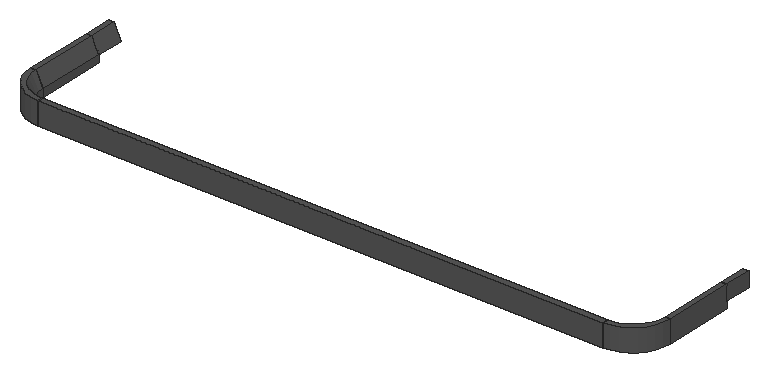
Revit family "towel holder 90_430", category Furniture, Revit 2019
Family settings
  OmniClass Number = 23.31.25.25
  Work Plane-Based = No
  Always vertical = No
  Cut with Voids When Loaded = No
  Shared = Yes
  Room Calculation Point = No
Parameters (values of type "Towel holder 90_430-54143670--MATT_BLACK-400")
  WEIGHT = "0"
  UNSPSC = "301815 | Sanitary ware"
  UNIFORMATII = "E2010 | Fixed Furnishings"
  UNICLASS_2015_CODE = "40_20_76_90"
  Towel holder 90_430-54143700--MATT_WHITE-400_RX0RY0RZ0TX0TY0TZ0_V = no
  Towel holder 90_430-54143700--MATT_WHITE-200_RX0RY0RZ0TX0TY0TZ0_V = no
  Towel holder 90_430-54143670--MATT_BLACK-400_RX0RY0RZ0TX0TY0TZ0_V = yes
  Towel holder 90_430-54143670--MATT_BLACK-200_RX0RY0RZ0TX0TY0TZ0_V = no
  Towel holder 90_430-54143000--CHROME-400_RX0RY0RZ0TX0TY0TZ0_V = no
  Towel holder 90_430-54143000--CHROME-200_RX0RY0RZ0TX0TY0TZ0_V = no
  SURFACE = "MATT_BLACK"
  SPECIFICATION = "Surfaces:    - 54143000 Chrome  - 54143670 Matt Black  - 54143700 Matt White      Specification:    null"
  REGIONSET = "Worldwide"
  PRODUCTURL = "https://pro.hansgrohe.com/articledetail--54143000"
  PRODUCTGROUP = "Towel holder"
  PRODUCTFAMILY = "Xelu Q"
  PERMALINK = "54143XXX"
  OMNICLASS = "23-31 25 25 | Towel Bars"
  OBJECTTYPE = "Object (single object)"
  NN = "Towel holder 90/430"
  NBSYN = "$BASENUMBER.-$ARTNR.--$SURFACE.-$LODLEVEL."
  NB = "Towel holder 90/430-54143670--MATT_BLACK-400"
  NAME = "Xelu Q Towel holder 90/430"
  Model = "Towel holder 90/430-54143670--MATT_BLACK-400"
  Manufacturer = "Hansgrohe"
  MIdent = "{$CADENAS_DATA/23d-libs/hansgrohe/xelu_furniture/towel_holder/towel_holder_90_430.prj},249 {VTYP=3D},{NB=Towel holder 90/430-54143670--MATT_BLACK-400},{LINA=Towel holder 90/430-54143670--MATT_BLACK-400},{NN=Towel holder 90/430},{DATE=13.03.2023 02:04:40},{GEOMDATE=08.03.2023 13:48:56},{VERSION=},{LINEID=10},{WBVAR=LODLEVEL},{WBNUMERIC=}  {NB=Towel holder 90/430-54143670--MATT_BLACK-400},{LINA=Towel holder 90/430-54143670--MATT_BLACK-400},{KT=DUMMY},{IDNR=1},{ARTNR=54143670},{BASENUMBER=Towel holder 90/430},{MODEL=54143XXX},{SURFACE=MATT_BLACK},{LODLEVEL=400},{LODLEVELX='400','400','200','200'},{NAME=Xelu Q Towel holder 90/430},{PERMALINK=54143XXX},{OBJECTTYPE=Object (single object)},{BIMOBJECT=Sanitary: Accessories},{PRODUCTFAMILY=Xelu Q},{PRODUCTGROUP=Towel holder},{WEIGHT=0},{DESCRIPTION=Xelu Q Towel holder 90/430},{SPECIFICATION=Surfaces:    - 54143000 Chrome  - 54143670 Matt Black  - 54143700 Matt White      Specification:    null},{PRODUCTURL=https://pro.hansgrohe.com/articledetail--54143000},{GTINCODE=4059625458495},{TENDERURL=Furnishing element},{IFC=EC010551 | Towel holder},{ETIM=Pr_40_20_76_90 | Towel rails},{UNICLASS2015=},{OMNICLASS=23-31 25 25 | Towel Bars},{MASTERFORMAT=10 28 00 | Toilet, Bath, and Laundry Accessories},{UNSPSC=301815 | Sanitary ware},{UNIFORMATII=E2010 | Fixed Furnishings},{REGIONSET=Worldwide},{DESIGN=Germany},{MANUFACTURER=Germany}"
  MASTERFORMAT = "10 28 00 | Toilet, Bath, and Laundry Accessories"
  LODLEVEL = "400"
  LINA = "Towel holder 90/430-54143670--MATT_BLACK-400"
  IFC = "EC010551 | Towel holder"
  GTINCODE = "4059625458495"
  ETIM = "Pr_40_20_76_90 | Towel rails"
  DESIGN = "Germany"
  CATALOG = "Hansgrohe"
  BIMOBJECT = "Sanitary: Accessories"
  BASENUMBER = "Towel holder 90/430"
  ARTNR = "54143670"
Types (6, lengths in mm): name | Towel holder 90_430-54143700--MATT_WHITE-400_RX0RY0RZ0TX0TY0TZ0_V | Towel holder 90_430-54143700--MATT_WHITE-200_RX0RY0RZ0TX0TY0TZ0_V | Towel holder 90_430-54143670--MATT_BLACK-400_RX0RY0RZ0TX0TY0TZ0_V | Towel holder 90_430-54143670--MATT_BLACK-200_RX0RY0RZ0TX0TY0TZ0_V | Towel holder 90_430-54143000--CHROME-400_RX0RY0RZ0TX0TY0TZ0_V | Towel holder 90_430-54143000--CHROME-200_RX0RY0RZ0TX0TY0TZ0_V | SURFACE | NB | Model | MIdent | LODLEVEL | LINA | ARTNR
  Towel holder 90_430-54143000--CHROME-200 | no | no | no | no | no | yes | "CHROME" | "Towel holder 90/430-54143000--CHROME-200" | "Towel holder 90/430-54143000--CHROME-200" | "{$CADENAS_DATA/23d-libs/hansgrohe/xelu_furniture/towel_holder/towel_holder_90_430.prj},241 {VTYP=3D},{NB=Towel holder 90/430-54143000--CHROME-200},{LINA=Towel holder 90/430-54143000--CHROME-200},{NN=Towel holder 90/430},{DATE=13.03.2023 02:04:40},{GEOMDATE=08.03.2023 13:48:56},{VERSION=},{LINEID=30},{WBVAR=LODLEVEL},{WBNUMERIC=}  {NB=Towel holder 90/430-54143000--CHROME-200},{LINA=Towel holder 90/430-54143000--CHROME-200},{KT=DUMMY},{IDNR=3},{ARTNR=54143000},{BASENUMBER=Towel holder 90/430},{MODEL=54143XXX},{SURFACE=CHROME},{LODLEVEL=200},{LODLEVELX='400','400','200','200'},{NAME=Xelu Q Towel holder 90/430},{PERMALINK=54143XXX},{OBJECTTYPE=Object (single object)},{BIMOBJECT=Sanitary: Accessories},{PRODUCTFAMILY=Xelu Q},{PRODUCTGROUP=Towel holder},{WEIGHT=0},{DESCRIPTION=Xelu Q Towel holder 90/430},{SPECIFICATION=Surfaces:    - 54143000 Chrome  - 54143670 Matt Black  - 54143700 Matt White      Specification:    null},{PRODUCTURL=https://pro.hansgrohe.com/articledetail--54143000},{GTINCODE=4059625458495},{TENDERURL=Furnishing element},{IFC=EC010551 | Towel holder},{ETIM=Pr_40_20_76_90 | Towel rails},{UNICLASS2015=},{OMNICLASS=23-31 25 25 | Towel Bars},{MASTERFORMAT=10 28 00 | Toilet, Bath, and Laundry Accessories},{UNSPSC=301815 | Sanitary ware},{UNIFORMATII=E2010 | Fixed Furnishings},{REGIONSET=Worldwide},{DESIGN=Germany},{MANUFACTURER=Germany}" | "200" | "Towel holder 90/430-54143000--CHROME-200" | "54143000"
  Towel holder 90_430-54143000--CHROME-400 | no | no | no | no | yes | no | "CHROME" | "Towel holder 90/430-54143000--CHROME-400" | "Towel holder 90/430-54143000--CHROME-400" | "{$CADENAS_DATA/23d-libs/hansgrohe/xelu_furniture/towel_holder/towel_holder_90_430.prj},241 {VTYP=3D},{NB=Towel holder 90/430-54143000--CHROME-400},{LINA=Towel holder 90/430-54143000--CHROME-400},{NN=Towel holder 90/430},{DATE=13.03.2023 02:04:40},{GEOMDATE=08.03.2023 13:48:56},{VERSION=},{LINEID=30},{WBVAR=LODLEVEL},{WBNUMERIC=}  {NB=Towel holder 90/430-54143000--CHROME-400},{LINA=Towel holder 90/430-54143000--CHROME-400},{KT=DUMMY},{IDNR=3},{ARTNR=54143000},{BASENUMBER=Towel holder 90/430},{MODEL=54143XXX},{SURFACE=CHROME},{LODLEVEL=400},{LODLEVELX='400','400','200','200'},{NAME=Xelu Q Towel holder 90/430},{PERMALINK=54143XXX},{OBJECTTYPE=Object (single object)},{BIMOBJECT=Sanitary: Accessories},{PRODUCTFAMILY=Xelu Q},{PRODUCTGROUP=Towel holder},{WEIGHT=0},{DESCRIPTION=Xelu Q Towel holder 90/430},{SPECIFICATION=Surfaces:    - 54143000 Chrome  - 54143670 Matt Black  - 54143700 Matt White      Specification:    null},{PRODUCTURL=https://pro.hansgrohe.com/articledetail--54143000},{GTINCODE=4059625458495},{TENDERURL=Furnishing element},{IFC=EC010551 | Towel holder},{ETIM=Pr_40_20_76_90 | Towel rails},{UNICLASS2015=},{OMNICLASS=23-31 25 25 | Towel Bars},{MASTERFORMAT=10 28 00 | Toilet, Bath, and Laundry Accessories},{UNSPSC=301815 | Sanitary ware},{UNIFORMATII=E2010 | Fixed Furnishings},{REGIONSET=Worldwide},{DESIGN=Germany},{MANUFACTURER=Germany}" | "400" | "Towel holder 90/430-54143000--CHROME-400" | "54143000"
  Towel holder 90_430-54143670--MATT_BLACK-200 | no | no | no | yes | no | no | "MATT_BLACK" | "Towel holder 90/430-54143670--MATT_BLACK-200" | "Towel holder 90/430-54143670--MATT_BLACK-200" | "{$CADENAS_DATA/23d-libs/hansgrohe/xelu_furniture/towel_holder/towel_holder_90_430.prj},249 {VTYP=3D},{NB=Towel holder 90/430-54143670--MATT_BLACK-200},{LINA=Towel holder 90/430-54143670--MATT_BLACK-200},{NN=Towel holder 90/430},{DATE=13.03.2023 02:04:40},{GEOMDATE=08.03.2023 13:48:56},{VERSION=},{LINEID=10},{WBVAR=LODLEVEL},{WBNUMERIC=}  {NB=Towel holder 90/430-54143670--MATT_BLACK-200},{LINA=Towel holder 90/430-54143670--MATT_BLACK-200},{KT=DUMMY},{IDNR=1},{ARTNR=54143670},{BASENUMBER=Towel holder 90/430},{MODEL=54143XXX},{SURFACE=MATT_BLACK},{LODLEVEL=200},{LODLEVELX='400','400','200','200'},{NAME=Xelu Q Towel holder 90/430},{PERMALINK=54143XXX},{OBJECTTYPE=Object (single object)},{BIMOBJECT=Sanitary: Accessories},{PRODUCTFAMILY=Xelu Q},{PRODUCTGROUP=Towel holder},{WEIGHT=0},{DESCRIPTION=Xelu Q Towel holder 90/430},{SPECIFICATION=Surfaces:    - 54143000 Chrome  - 54143670 Matt Black  - 54143700 Matt White      Specification:    null},{PRODUCTURL=https://pro.hansgrohe.com/articledetail--54143000},{GTINCODE=4059625458495},{TENDERURL=Furnishing element},{IFC=EC010551 | Towel holder},{ETIM=Pr_40_20_76_90 | Towel rails},{UNICLASS2015=},{OMNICLASS=23-31 25 25 | Towel Bars},{MASTERFORMAT=10 28 00 | Toilet, Bath, and Laundry Accessories},{UNSPSC=301815 | Sanitary ware},{UNIFORMATII=E2010 | Fixed Furnishings},{REGIONSET=Worldwide},{DESIGN=Germany},{MANUFACTURER=Germany}" | "200" | "Towel holder 90/430-54143670--MATT_BLACK-200" | "54143670"
  Towel holder 90_430-54143670--MATT_BLACK-400 | no | no | yes | no | no | no | "MATT_BLACK" | "Towel holder 90/430-54143670--MATT_BLACK-400" | "Towel holder 90/430-54143670--MATT_BLACK-400" | "{$CADENAS_DATA/23d-libs/hansgrohe/xelu_furniture/towel_holder/towel_holder_90_430.prj},249 {VTYP=3D},{NB=Towel holder 90/430-54143670--MATT_BLACK-400},{LINA=Towel holder 90/430-54143670--MATT_BLACK-400},{NN=Towel holder 90/430},{DATE=13.03.2023 02:04:40},{GEOMDATE=08.03.2023 13:48:56},{VERSION=},{LINEID=10},{WBVAR=LODLEVEL},{WBNUMERIC=}  {NB=Towel holder 90/430-54143670--MATT_BLACK-400},{LINA=Towel holder 90/430-54143670--MATT_BLACK-400},{KT=DUMMY},{IDNR=1},{ARTNR=54143670},{BASENUMBER=Towel holder 90/430},{MODEL=54143XXX},{SURFACE=MATT_BLACK},{LODLEVEL=400},{LODLEVELX='400','400','200','200'},{NAME=Xelu Q Towel holder 90/430},{PERMALINK=54143XXX},{OBJECTTYPE=Object (single object)},{BIMOBJECT=Sanitary: Accessories},{PRODUCTFAMILY=Xelu Q},{PRODUCTGROUP=Towel holder},{WEIGHT=0},{DESCRIPTION=Xelu Q Towel holder 90/430},{SPECIFICATION=Surfaces:    - 54143000 Chrome  - 54143670 Matt Black  - 54143700 Matt White      Specification:    null},{PRODUCTURL=https://pro.hansgrohe.com/articledetail--54143000},{GTINCODE=4059625458495},{TENDERURL=Furnishing element},{IFC=EC010551 | Towel holder},{ETIM=Pr_40_20_76_90 | Towel rails},{UNICLASS2015=},{OMNICLASS=23-31 25 25 | Towel Bars},{MASTERFORMAT=10 28 00 | Toilet, Bath, and Laundry Accessories},{UNSPSC=301815 | Sanitary ware},{UNIFORMATII=E2010 | Fixed Furnishings},{REGIONSET=Worldwide},{DESIGN=Germany},{MANUFACTURER=Germany}" | "400" | "Towel holder 90/430-54143670--MATT_BLACK-400" | "54143670"
  Towel holder 90_430-54143700--MATT_WHITE-200 | no | yes | no | no | no | no | "MATT_WHITE" | "Towel holder 90/430-54143700--MATT_WHITE-200" | "Towel holder 90/430-54143700--MATT_WHITE-200" | "{$CADENAS_DATA/23d-libs/hansgrohe/xelu_furniture/towel_holder/towel_holder_90_430.prj},249 {VTYP=3D},{NB=Towel holder 90/430-54143700--MATT_WHITE-200},{LINA=Towel holder 90/430-54143700--MATT_WHITE-200},{NN=Towel holder 90/430},{DATE=13.03.2023 02:04:40},{GEOMDATE=08.03.2023 13:48:56},{VERSION=},{LINEID=20},{WBVAR=LODLEVEL},{WBNUMERIC=}  {NB=Towel holder 90/430-54143700--MATT_WHITE-200},{LINA=Towel holder 90/430-54143700--MATT_WHITE-200},{KT=DUMMY},{IDNR=2},{ARTNR=54143700},{BASENUMBER=Towel holder 90/430},{MODEL=54143XXX},{SURFACE=MATT_WHITE},{LODLEVEL=200},{LODLEVELX='400','400','200','200'},{NAME=Xelu Q Towel holder 90/430},{PERMALINK=54143XXX},{OBJECTTYPE=Object (single object)},{BIMOBJECT=Sanitary: Accessories},{PRODUCTFAMILY=Xelu Q},{PRODUCTGROUP=Towel holder},{WEIGHT=0},{DESCRIPTION=Xelu Q Towel holder 90/430},{SPECIFICATION=Surfaces:    - 54143000 Chrome  - 54143670 Matt Black  - 54143700 Matt White      Specification:    null},{PRODUCTURL=https://pro.hansgrohe.com/articledetail--54143000},{GTINCODE=4059625458495},{TENDERURL=Furnishing element},{IFC=EC010551 | Towel holder},{ETIM=Pr_40_20_76_90 | Towel rails},{UNICLASS2015=},{OMNICLASS=23-31 25 25 | Towel Bars},{MASTERFORMAT=10 28 00 | Toilet, Bath, and Laundry Accessories},{UNSPSC=301815 | Sanitary ware},{UNIFORMATII=E2010 | Fixed Furnishings},{REGIONSET=Worldwide},{DESIGN=Germany},{MANUFACTURER=Germany}" | "200" | "Towel holder 90/430-54143700--MATT_WHITE-200" | "54143700"
  Towel holder 90_430-54143700--MATT_WHITE-400 | yes | no | no | no | no | no | "MATT_WHITE" | "Towel holder 90/430-54143700--MATT_WHITE-400" | "Towel holder 90/430-54143700--MATT_WHITE-400" | "{$CADENAS_DATA/23d-libs/hansgrohe/xelu_furniture/towel_holder/towel_holder_90_430.prj},249 {VTYP=3D},{NB=Towel holder 90/430-54143700--MATT_WHITE-400},{LINA=Towel holder 90/430-54143700--MATT_WHITE-400},{NN=Towel holder 90/430},{DATE=13.03.2023 02:04:40},{GEOMDATE=08.03.2023 13:48:56},{VERSION=},{LINEID=20},{WBVAR=LODLEVEL},{WBNUMERIC=}  {NB=Towel holder 90/430-54143700--MATT_WHITE-400},{LINA=Towel holder 90/430-54143700--MATT_WHITE-400},{KT=DUMMY},{IDNR=2},{ARTNR=54143700},{BASENUMBER=Towel holder 90/430},{MODEL=54143XXX},{SURFACE=MATT_WHITE},{LODLEVEL=400},{LODLEVELX='400','400','200','200'},{NAME=Xelu Q Towel holder 90/430},{PERMALINK=54143XXX},{OBJECTTYPE=Object (single object)},{BIMOBJECT=Sanitary: Accessories},{PRODUCTFAMILY=Xelu Q},{PRODUCTGROUP=Towel holder},{WEIGHT=0},{DESCRIPTION=Xelu Q Towel holder 90/430},{SPECIFICATION=Surfaces:    - 54143000 Chrome  - 54143670 Matt Black  - 54143700 Matt White      Specification:    null},{PRODUCTURL=https://pro.hansgrohe.com/articledetail--54143000},{GTINCODE=4059625458495},{TENDERURL=Furnishing element},{IFC=EC010551 | Towel holder},{ETIM=Pr_40_20_76_90 | Towel rails},{UNICLASS2015=},{OMNICLASS=23-31 25 25 | Towel Bars},{MASTERFORMAT=10 28 00 | Toilet, Bath, and Laundry Accessories},{UNSPSC=301815 | Sanitary ware},{UNIFORMATII=E2010 | Fixed Furnishings},{REGIONSET=Worldwide},{DESIGN=Germany},{MANUFACTURER=Germany}" | "400" | "Towel holder 90/430-54143700--MATT_WHITE-400" | "54143700"
Reference planes
  plane 1 "Center (Front/Back)": y = 0
  plane 2: z = 0
  plane 3 "Center (Left/Right)": x = 0
Dimensions and locks
  aligned and locked: level to plane 2
Nested families
  nested 1: "towel holder 90_430-54143000--chrome-200_content" at (0, 0, 0), visible <- "Towel holder 90_430-54143000--CHROME-200_RX0RY0RZ0TX0TY0TZ0_V", ContentVisible <- "Towel holder 90_430-54143000--CHROME-200_RX0RY0RZ0TX0TY0TZ0_V", type "Towel holder 90_430-54143000--CHROME-200_Content"
    with ContentVisible no
  nested 2: "towel holder 90_430-54143000--chrome-400_content" at (0, 0, 0), visible <- "Towel holder 90_430-54143000--CHROME-400_RX0RY0RZ0TX0TY0TZ0_V", ContentVisible <- "Towel holder 90_430-54143000--CHROME-400_RX0RY0RZ0TX0TY0TZ0_V", type "Towel holder 90_430-54143000--CHROME-400_Content"
    with ContentVisible no
  nested 3: "towel holder 90_430-54143670--matt_black-200_content" at (0, 0, 0), visible <- "Towel holder 90_430-54143670--MATT_BLACK-200_RX0RY0RZ0TX0TY0TZ0_V", ContentVisible <- "Towel holder 90_430-54143670--MATT_BLACK-200_RX0RY0RZ0TX0TY0TZ0_V", type "Towel holder 90_430-54143670--MATT_BLACK-200_Content"
    with ContentVisible no
  nested 4: "towel holder 90_430-54143670--matt_black-400_content" at (0, 0, 0), visible <- "Towel holder 90_430-54143670--MATT_BLACK-400_RX0RY0RZ0TX0TY0TZ0_V", ContentVisible <- "Towel holder 90_430-54143670--MATT_BLACK-400_RX0RY0RZ0TX0TY0TZ0_V", type "Towel holder 90_430-54143670--MATT_BLACK-400_Content"
    with ContentVisible yes
  nested 5: "towel holder 90_430-54143700--matt_white-200_content" at (0, 0, 0), visible <- "Towel holder 90_430-54143700--MATT_WHITE-200_RX0RY0RZ0TX0TY0TZ0_V", ContentVisible <- "Towel holder 90_430-54143700--MATT_WHITE-200_RX0RY0RZ0TX0TY0TZ0_V", type "Towel holder 90_430-54143700--MATT_WHITE-200_Content"
    with ContentVisible no
  nested 6: "towel holder 90_430-54143700--matt_white-400_content" at (0, 0, 0), visible <- "Towel holder 90_430-54143700--MATT_WHITE-400_RX0RY0RZ0TX0TY0TZ0_V", ContentVisible <- "Towel holder 90_430-54143700--MATT_WHITE-400_RX0RY0RZ0TX0TY0TZ0_V", type "Towel holder 90_430-54143700--MATT_WHITE-400_Content"
    with ContentVisible no
Definition of nested family "towel holder 90_430-54143670--matt_black-400_content"
  Parameters (values of type "Towel holder 90_430-54143670--MATT_BLACK-400_Content")
    WEIGHT = "0"
    UNSPSC = "301815 | Sanitary ware"
    UNIFORMATII = "E2010 | Fixed Furnishings"
    UNICLASS_2015_CODE = "40_20_76_90"
    SURFACE = "MATT_BLACK"
    SPECIFICATION = "Surfaces:    - 54143000 Chrome  - 54143670 Matt Black  - 54143700 Matt White      Specification:    null"
    REGIONSET = "Worldwide"
    PRODUCTURL = "https://pro.hansgrohe.com/articledetail--54143000"
    PRODUCTGROUP = "Towel holder"
    PRODUCTFAMILY = "Xelu Q"
    PERMALINK = "54143XXX"
    OMNICLASS = "23-31 25 25 | Towel Bars"
    OBJECTTYPE = "Object (single object)"
    NN = "Towel holder 90/430"
    NBSYN = "$BASENUMBER.-$ARTNR.--$SURFACE.-$LODLEVEL."
    NB = "Towel holder 90/430-54143670--MATT_BLACK-400"
    NAME = "Xelu Q Towel holder 90/430"
    Model = "Towel holder 90/430-54143670--MATT_BLACK-400"
    Manufacturer = "Hansgrohe"
    MASTERFORMAT = "10 28 00 | Toilet, Bath, and Laundry Accessories"
    LODLEVEL = "400"
    LINA = "Towel holder 90/430-54143670--MATT_BLACK-400"
    IFC = "EC010551 | Towel holder"
    GTINCODE = "4059625458495"
    ETIM = "Pr_40_20_76_90 | Towel rails"
    Default Elevation = 1219.2 mm
    DESIGN = "Germany"
    ContentVisible [instance] = yes
    CATALOG = "Hansgrohe"
    BIMOBJECT = "Sanitary: Accessories"
    BASENUMBER = "Towel holder 90/430"
    ARTNR = "54143670"
  Reference planes
    plane 1 "Center (Front/Back)": y = 0
    plane 2: z = 0
    plane 3 "Center (Left/Right)": x = 0
  Forms (mm)
    Extrusion 1, solid, visible <- "ContentVisible", detail levels medium+fine
      sketch origin (0, 0, 0) x (1, 0, 0) y (0, 0, -1)
        loop
          line (-214, -5) -> (-214, -15) -> (-210.5, -15) -> (-206, -5) -> (-214, -5)
      from -18 to 0
    Extrusion 2, solid, visible <- "ContentVisible", detail levels medium+fine
      sketch origin (0, -18, 0) x (1, 0, 0) y (0, 0, -1)
        loop
          line (-214, 0) -> (-214, -15) -> (-210.5, -15) -> (-206, -5) -> (-206, 0) -> (-214, 0)
      from -47 to 0
    Revolve 3, solid, visible <- "ContentVisible", detail levels medium+fine
      sketch origin (0, -65, 0) x (1, 0, 0) y (0, 0, -1)
        loop
          line (-214, 0) -> (-214, -15) -> (-210.5, -15) -> (-206, -5) -> (-206, 0) -> (-214, 0)
        axis (-189, 0) -> (-189, -15)
      angle from 0 to 90
    Extrusion 4, solid, visible <- "ContentVisible", detail levels medium+fine
      sketch origin (0, 0, 0) x (0, 0, -1) y (0, 1, 0)
        loop
          line (-15, -86.5) -> (-15, -90) -> (0, -90) -> (0, -82) -> (-5, -82) -> (-15, -86.5)
      from -189 to 189
    Revolve 5, solid, visible <- "ContentVisible", detail levels medium+fine
      sketch origin (189, 0, 0) x (0, 0, -1) y (0, 1, 0)
        loop
          line (-15, -86.5) -> (-15, -90) -> (0, -90) -> (0, -82) -> (-5, -82) -> (-15, -86.5)
        axis (-15, -65) -> (0, -65)
      angle from -90 to 0
    Extrusion 6, solid, visible <- "ContentVisible", detail levels medium+fine
      sketch origin (0, -65, 0) x (1, 0, 0) y (0, 0, -1)
        loop
          line (206, 0) -> (206, -5) -> (210.5, -15) -> (214, -15) -> (214, 0) -> (206, 0)
      from 0 to 47
    Extrusion 7, solid, visible <- "ContentVisible", detail levels medium+fine
      sketch origin (0, -18, 0) x (1, 0, 0) y (0, 0, -1)
        loop
          line (206, -5) -> (210.5, -15) -> (214, -15) -> (214, -5) -> (206, -5)
      from 0 to 18
    Extrusion 8, solid, visible <- "ContentVisible", detail levels coarse
      sketch origin (0, -45, 0) x (1, 0, 0) y (0, 1, 0)
        loop
          line (-214, -45) -> (214, -45) -> (214, 45) -> (-214, 45) -> (-214, -45)
      from 0 to 15
  Dimensions and locks
    aligned and locked: level to plane 2
Definition of nested family "towel holder 90_430-54143000--chrome-200_content"
  Parameters (values of type "Towel holder 90_430-54143000--CHROME-200_Content")
    WEIGHT = "0"
    UNSPSC = "301815 | Sanitary ware"
    UNIFORMATII = "E2010 | Fixed Furnishings"
    UNICLASS_2015_CODE = "40_20_76_90"
    SURFACE = "CHROME"
    SPECIFICATION = "Surfaces:    - 54143000 Chrome  - 54143670 Matt Black  - 54143700 Matt White      Specification:    null"
    REGIONSET = "Worldwide"
    PRODUCTURL = "https://pro.hansgrohe.com/articledetail--54143000"
    PRODUCTGROUP = "Towel holder"
    PRODUCTFAMILY = "Xelu Q"
    PERMALINK = "54143XXX"
    OMNICLASS = "23-31 25 25 | Towel Bars"
    OBJECTTYPE = "Object (single object)"
    NN = "Towel holder 90/430"
    NBSYN = "$BASENUMBER.-$ARTNR.--$SURFACE.-$LODLEVEL."
    NB = "Towel holder 90/430-54143000--CHROME-200"
    NAME = "Xelu Q Towel holder 90/430"
    Model = "Towel holder 90/430-54143000--CHROME-200"
    Manufacturer = "Hansgrohe"
    MASTERFORMAT = "10 28 00 | Toilet, Bath, and Laundry Accessories"
    LODLEVEL = "200"
    LINA = "Towel holder 90/430-54143000--CHROME-200"
    IFC = "EC010551 | Towel holder"
    GTINCODE = "4059625458495"
    ETIM = "Pr_40_20_76_90 | Towel rails"
    Default Elevation = 1219.2 mm
    DESIGN = "Germany"
    ContentVisible [instance] = yes
    CATALOG = "Hansgrohe"
    BIMOBJECT = "Sanitary: Accessories"
    BASENUMBER = "Towel holder 90/430"
    ARTNR = "54143000"
  Reference planes
    plane 1 "Center (Front/Back)": y = 0
    plane 2: z = 0
    plane 3 "Center (Left/Right)": x = 0
  Forms (mm)
    Extrusion 1, solid, visible <- "ContentVisible", detail levels medium+fine
      sketch origin (0, 0, 0) x (1, 0, 0) y (0, 0, -1)
        loop
          line (-214, 0) -> (-214, -15) -> (-206, -15) -> (-206, 0) -> (-214, 0)
      from -90 to 0
    Extrusion 2, solid, visible <- "ContentVisible", detail levels medium+fine
      sketch origin (0, 0, 0) x (0, 0, -1) y (0, 1, 0)
        loop
          line (-15, -82) -> (-15, -90) -> (0, -90) -> (0, -82) -> (-15, -82)
      from -214 to 214
    Extrusion 3, solid, visible <- "ContentVisible", detail levels medium+fine
      sketch origin (0, -90, 0) x (1, 0, 0) y (0, 0, -1)
        loop
          line (206, -15) -> (214, -15) -> (214, 0) -> (206, 0) -> (206, -15)
      from 0 to 90
    Extrusion 4, solid, visible <- "ContentVisible", detail levels coarse
      sketch origin (0, -45, 0) x (1, 0, 0) y (0, 1, 0)
        loop
          line (-214, -45) -> (214, -45) -> (214, 45) -> (-214, 45) -> (-214, -45)
      from 0 to 15
  Dimensions and locks
    aligned and locked: level to plane 2
Definition of nested family "towel holder 90_430-54143000--chrome-400_content"
  Parameters (values of type "Towel holder 90_430-54143000--CHROME-400_Content")
    WEIGHT = "0"
    UNSPSC = "301815 | Sanitary ware"
    UNIFORMATII = "E2010 | Fixed Furnishings"
    UNICLASS_2015_CODE = "40_20_76_90"
    SURFACE = "CHROME"
    SPECIFICATION = "Surfaces:    - 54143000 Chrome  - 54143670 Matt Black  - 54143700 Matt White      Specification:    null"
    REGIONSET = "Worldwide"
    PRODUCTURL = "https://pro.hansgrohe.com/articledetail--54143000"
    PRODUCTGROUP = "Towel holder"
    PRODUCTFAMILY = "Xelu Q"
    PERMALINK = "54143XXX"
    OMNICLASS = "23-31 25 25 | Towel Bars"
    OBJECTTYPE = "Object (single object)"
    NN = "Towel holder 90/430"
    NBSYN = "$BASENUMBER.-$ARTNR.--$SURFACE.-$LODLEVEL."
    NB = "Towel holder 90/430-54143000--CHROME-400"
    NAME = "Xelu Q Towel holder 90/430"
    Model = "Towel holder 90/430-54143000--CHROME-400"
    Manufacturer = "Hansgrohe"
    MASTERFORMAT = "10 28 00 | Toilet, Bath, and Laundry Accessories"
    LODLEVEL = "400"
    LINA = "Towel holder 90/430-54143000--CHROME-400"
    IFC = "EC010551 | Towel holder"
    GTINCODE = "4059625458495"
    ETIM = "Pr_40_20_76_90 | Towel rails"
    Default Elevation = 1219.2 mm
    DESIGN = "Germany"
    ContentVisible [instance] = yes
    CATALOG = "Hansgrohe"
    BIMOBJECT = "Sanitary: Accessories"
    BASENUMBER = "Towel holder 90/430"
    ARTNR = "54143000"
  Reference planes
    plane 1 "Center (Front/Back)": y = 0
    plane 2: z = 0
    plane 3 "Center (Left/Right)": x = 0
  Forms (mm)
    Extrusion 1, solid, visible <- "ContentVisible", detail levels medium+fine
      sketch origin (0, 0, 0) x (1, 0, 0) y (0, 0, -1)
        loop
          line (-214, -5) -> (-214, -15) -> (-210.5, -15) -> (-206, -5) -> (-214, -5)
      from -18 to 0
    Extrusion 2, solid, visible <- "ContentVisible", detail levels medium+fine
      sketch origin (0, -18, 0) x (1, 0, 0) y (0, 0, -1)
        loop
          line (-214, 0) -> (-214, -15) -> (-210.5, -15) -> (-206, -5) -> (-206, 0) -> (-214, 0)
      from -47 to 0
    Revolve 3, solid, visible <- "ContentVisible", detail levels medium+fine
      sketch origin (0, -65, 0) x (1, 0, 0) y (0, 0, -1)
        loop
          line (-214, 0) -> (-214, -15) -> (-210.5, -15) -> (-206, -5) -> (-206, 0) -> (-214, 0)
        axis (-189, 0) -> (-189, -15)
      angle from 0 to 90
    Extrusion 4, solid, visible <- "ContentVisible", detail levels medium+fine
      sketch origin (0, 0, 0) x (0, 0, -1) y (0, 1, 0)
        loop
          line (-15, -86.5) -> (-15, -90) -> (0, -90) -> (0, -82) -> (-5, -82) -> (-15, -86.5)
      from -189 to 189
    Revolve 5, solid, visible <- "ContentVisible", detail levels medium+fine
      sketch origin (189, 0, 0) x (0, 0, -1) y (0, 1, 0)
        loop
          line (-15, -86.5) -> (-15, -90) -> (0, -90) -> (0, -82) -> (-5, -82) -> (-15, -86.5)
        axis (-15, -65) -> (0, -65)
      angle from -90 to 0
    Extrusion 6, solid, visible <- "ContentVisible", detail levels medium+fine
      sketch origin (0, -65, 0) x (1, 0, 0) y (0, 0, -1)
        loop
          line (206, 0) -> (206, -5) -> (210.5, -15) -> (214, -15) -> (214, 0) -> (206, 0)
      from 0 to 47
    Extrusion 7, solid, visible <- "ContentVisible", detail levels medium+fine
      sketch origin (0, -18, 0) x (1, 0, 0) y (0, 0, -1)
        loop
          line (206, -5) -> (210.5, -15) -> (214, -15) -> (214, -5) -> (206, -5)
      from 0 to 18
    Extrusion 8, solid, visible <- "ContentVisible", detail levels coarse
      sketch origin (0, -45, 0) x (1, 0, 0) y (0, 1, 0)
        loop
          line (-214, -45) -> (214, -45) -> (214, 45) -> (-214, 45) -> (-214, -45)
      from 0 to 15
  Dimensions and locks
    aligned and locked: level to plane 2
Definition of nested family "towel holder 90_430-54143670--matt_black-200_content"
  Parameters (values of type "Towel holder 90_430-54143670--MATT_BLACK-200_Content")
    WEIGHT = "0"
    UNSPSC = "301815 | Sanitary ware"
    UNIFORMATII = "E2010 | Fixed Furnishings"
    UNICLASS_2015_CODE = "40_20_76_90"
    SURFACE = "MATT_BLACK"
    SPECIFICATION = "Surfaces:    - 54143000 Chrome  - 54143670 Matt Black  - 54143700 Matt White      Specification:    null"
    REGIONSET = "Worldwide"
    PRODUCTURL = "https://pro.hansgrohe.com/articledetail--54143000"
    PRODUCTGROUP = "Towel holder"
    PRODUCTFAMILY = "Xelu Q"
    PERMALINK = "54143XXX"
    OMNICLASS = "23-31 25 25 | Towel Bars"
    OBJECTTYPE = "Object (single object)"
    NN = "Towel holder 90/430"
    NBSYN = "$BASENUMBER.-$ARTNR.--$SURFACE.-$LODLEVEL."
    NB = "Towel holder 90/430-54143670--MATT_BLACK-200"
    NAME = "Xelu Q Towel holder 90/430"
    Model = "Towel holder 90/430-54143670--MATT_BLACK-200"
    Manufacturer = "Hansgrohe"
    MASTERFORMAT = "10 28 00 | Toilet, Bath, and Laundry Accessories"
    LODLEVEL = "200"
    LINA = "Towel holder 90/430-54143670--MATT_BLACK-200"
    IFC = "EC010551 | Towel holder"
    GTINCODE = "4059625458495"
    ETIM = "Pr_40_20_76_90 | Towel rails"
    Default Elevation = 1219.2 mm
    DESIGN = "Germany"
    ContentVisible [instance] = yes
    CATALOG = "Hansgrohe"
    BIMOBJECT = "Sanitary: Accessories"
    BASENUMBER = "Towel holder 90/430"
    ARTNR = "54143670"
  Reference planes
    plane 1 "Center (Front/Back)": y = 0
    plane 2: z = 0
    plane 3 "Center (Left/Right)": x = 0
  Forms (mm)
    Extrusion 1, solid, visible <- "ContentVisible", detail levels medium+fine
      sketch origin (0, 0, 0) x (1, 0, 0) y (0, 0, -1)
        loop
          line (-214, 0) -> (-214, -15) -> (-206, -15) -> (-206, 0) -> (-214, 0)
      from -90 to 0
    Extrusion 2, solid, visible <- "ContentVisible", detail levels medium+fine
      sketch origin (0, 0, 0) x (0, 0, -1) y (0, 1, 0)
        loop
          line (-15, -82) -> (-15, -90) -> (0, -90) -> (0, -82) -> (-15, -82)
      from -214 to 214
    Extrusion 3, solid, visible <- "ContentVisible", detail levels medium+fine
      sketch origin (0, -90, 0) x (1, 0, 0) y (0, 0, -1)
        loop
          line (206, -15) -> (214, -15) -> (214, 0) -> (206, 0) -> (206, -15)
      from 0 to 90
    Extrusion 4, solid, visible <- "ContentVisible", detail levels coarse
      sketch origin (0, -45, 0) x (1, 0, 0) y (0, 1, 0)
        loop
          line (-214, -45) -> (214, -45) -> (214, 45) -> (-214, 45) -> (-214, -45)
      from 0 to 15
  Dimensions and locks
    aligned and locked: level to plane 2
Definition of nested family "towel holder 90_430-54143700--matt_white-200_content"
  Parameters (values of type "Towel holder 90_430-54143700--MATT_WHITE-200_Content")
    WEIGHT = "0"
    UNSPSC = "301815 | Sanitary ware"
    UNIFORMATII = "E2010 | Fixed Furnishings"
    UNICLASS_2015_CODE = "40_20_76_90"
    SURFACE = "MATT_WHITE"
    SPECIFICATION = "Surfaces:    - 54143000 Chrome  - 54143670 Matt Black  - 54143700 Matt White      Specification:    null"
    REGIONSET = "Worldwide"
    PRODUCTURL = "https://pro.hansgrohe.com/articledetail--54143000"
    PRODUCTGROUP = "Towel holder"
    PRODUCTFAMILY = "Xelu Q"
    PERMALINK = "54143XXX"
    OMNICLASS = "23-31 25 25 | Towel Bars"
    OBJECTTYPE = "Object (single object)"
    NN = "Towel holder 90/430"
    NBSYN = "$BASENUMBER.-$ARTNR.--$SURFACE.-$LODLEVEL."
    NB = "Towel holder 90/430-54143700--MATT_WHITE-200"
    NAME = "Xelu Q Towel holder 90/430"
    Model = "Towel holder 90/430-54143700--MATT_WHITE-200"
    Manufacturer = "Hansgrohe"
    MASTERFORMAT = "10 28 00 | Toilet, Bath, and Laundry Accessories"
    LODLEVEL = "200"
    LINA = "Towel holder 90/430-54143700--MATT_WHITE-200"
    IFC = "EC010551 | Towel holder"
    GTINCODE = "4059625458495"
    ETIM = "Pr_40_20_76_90 | Towel rails"
    Default Elevation = 1219.2 mm
    DESIGN = "Germany"
    ContentVisible [instance] = yes
    CATALOG = "Hansgrohe"
    BIMOBJECT = "Sanitary: Accessories"
    BASENUMBER = "Towel holder 90/430"
    ARTNR = "54143700"
  Reference planes
    plane 1 "Center (Front/Back)": y = 0
    plane 2: z = 0
    plane 3 "Center (Left/Right)": x = 0
  Forms (mm)
    Extrusion 1, solid, visible <- "ContentVisible", detail levels medium+fine
      sketch origin (0, 0, 0) x (1, 0, 0) y (0, 0, -1)
        loop
          line (-214, 0) -> (-214, -15) -> (-206, -15) -> (-206, 0) -> (-214, 0)
      from -90 to 0
    Extrusion 2, solid, visible <- "ContentVisible", detail levels medium+fine
      sketch origin (0, 0, 0) x (0, 0, -1) y (0, 1, 0)
        loop
          line (-15, -82) -> (-15, -90) -> (0, -90) -> (0, -82) -> (-15, -82)
      from -214 to 214
    Extrusion 3, solid, visible <- "ContentVisible", detail levels medium+fine
      sketch origin (0, -90, 0) x (1, 0, 0) y (0, 0, -1)
        loop
          line (206, -15) -> (214, -15) -> (214, 0) -> (206, 0) -> (206, -15)
      from 0 to 90
    Extrusion 4, solid, visible <- "ContentVisible", detail levels coarse
      sketch origin (0, -45, 0) x (1, 0, 0) y (0, 1, 0)
        loop
          line (-214, -45) -> (214, -45) -> (214, 45) -> (-214, 45) -> (-214, -45)
      from 0 to 15
  Dimensions and locks
    aligned and locked: level to plane 2
Definition of nested family "towel holder 90_430-54143700--matt_white-400_content"
  Parameters (values of type "Towel holder 90_430-54143700--MATT_WHITE-400_Content")
    WEIGHT = "0"
    UNSPSC = "301815 | Sanitary ware"
    UNIFORMATII = "E2010 | Fixed Furnishings"
    UNICLASS_2015_CODE = "40_20_76_90"
    SURFACE = "MATT_WHITE"
    SPECIFICATION = "Surfaces:    - 54143000 Chrome  - 54143670 Matt Black  - 54143700 Matt White      Specification:    null"
    REGIONSET = "Worldwide"
    PRODUCTURL = "https://pro.hansgrohe.com/articledetail--54143000"
    PRODUCTGROUP = "Towel holder"
    PRODUCTFAMILY = "Xelu Q"
    PERMALINK = "54143XXX"
    OMNICLASS = "23-31 25 25 | Towel Bars"
    OBJECTTYPE = "Object (single object)"
    NN = "Towel holder 90/430"
    NBSYN = "$BASENUMBER.-$ARTNR.--$SURFACE.-$LODLEVEL."
    NB = "Towel holder 90/430-54143700--MATT_WHITE-400"
    NAME = "Xelu Q Towel holder 90/430"
    Model = "Towel holder 90/430-54143700--MATT_WHITE-400"
    Manufacturer = "Hansgrohe"
    MASTERFORMAT = "10 28 00 | Toilet, Bath, and Laundry Accessories"
    LODLEVEL = "400"
    LINA = "Towel holder 90/430-54143700--MATT_WHITE-400"
    IFC = "EC010551 | Towel holder"
    GTINCODE = "4059625458495"
    ETIM = "Pr_40_20_76_90 | Towel rails"
    Default Elevation = 1219.2 mm
    DESIGN = "Germany"
    ContentVisible [instance] = yes
    CATALOG = "Hansgrohe"
    BIMOBJECT = "Sanitary: Accessories"
    BASENUMBER = "Towel holder 90/430"
    ARTNR = "54143700"
  Reference planes
    plane 1 "Center (Front/Back)": y = 0
    plane 2: z = 0
    plane 3 "Center (Left/Right)": x = 0
  Forms (mm)
    Extrusion 1, solid, visible <- "ContentVisible", detail levels medium+fine
      sketch origin (0, 0, 0) x (1, 0, 0) y (0, 0, -1)
        loop
          line (-214, -5) -> (-214, -15) -> (-210.5, -15) -> (-206, -5) -> (-214, -5)
      from -18 to 0
    Extrusion 2, solid, visible <- "ContentVisible", detail levels medium+fine
      sketch origin (0, -18, 0) x (1, 0, 0) y (0, 0, -1)
        loop
          line (-214, 0) -> (-214, -15) -> (-210.5, -15) -> (-206, -5) -> (-206, 0) -> (-214, 0)
      from -47 to 0
    Revolve 3, solid, visible <- "ContentVisible", detail levels medium+fine
      sketch origin (0, -65, 0) x (1, 0, 0) y (0, 0, -1)
        loop
          line (-214, 0) -> (-214, -15) -> (-210.5, -15) -> (-206, -5) -> (-206, 0) -> (-214, 0)
        axis (-189, 0) -> (-189, -15)
      angle from 0 to 90
    Extrusion 4, solid, visible <- "ContentVisible", detail levels medium+fine
      sketch origin (0, 0, 0) x (0, 0, -1) y (0, 1, 0)
        loop
          line (-15, -86.5) -> (-15, -90) -> (0, -90) -> (0, -82) -> (-5, -82) -> (-15, -86.5)
      from -189 to 189
    Revolve 5, solid, visible <- "ContentVisible", detail levels medium+fine
      sketch origin (189, 0, 0) x (0, 0, -1) y (0, 1, 0)
        loop
          line (-15, -86.5) -> (-15, -90) -> (0, -90) -> (0, -82) -> (-5, -82) -> (-15, -86.5)
        axis (-15, -65) -> (0, -65)
      angle from -90 to 0
    Extrusion 6, solid, visible <- "ContentVisible", detail levels medium+fine
      sketch origin (0, -65, 0) x (1, 0, 0) y (0, 0, -1)
        loop
          line (206, 0) -> (206, -5) -> (210.5, -15) -> (214, -15) -> (214, 0) -> (206, 0)
      from 0 to 47
    Extrusion 7, solid, visible <- "ContentVisible", detail levels medium+fine
      sketch origin (0, -18, 0) x (1, 0, 0) y (0, 0, -1)
        loop
          line (206, -5) -> (210.5, -15) -> (214, -15) -> (214, -5) -> (206, -5)
      from 0 to 18
    Extrusion 8, solid, visible <- "ContentVisible", detail levels coarse
      sketch origin (0, -45, 0) x (1, 0, 0) y (0, 1, 0)
        loop
          line (-214, -45) -> (214, -45) -> (214, 45) -> (-214, 45) -> (-214, -45)
      from 0 to 15
  Dimensions and locks
    aligned and locked: level to plane 2
